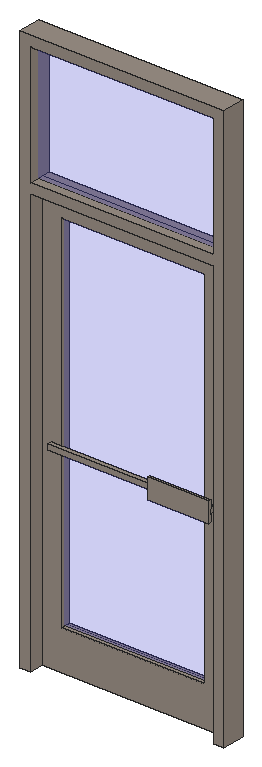
Revit family
Parameters (values of type "3'-0" x 7'-0" x 9'-4"H.")
  Rough Width = Width + 0' 4"  # 3' - 4"
  Rough Height = 9' - 4"
  Recess = 0' - 1"
  Height = 7' - 0"
  Wall Closure = (empty or 0)
  Width = 3' - 0"
  Glass = Glazing - Exterior
  Door Frame = Door - Aluminum
  Door Panel = Door - Aluminum
Reference planes (in)
  plane 1 "Center (Front/Back)": y = 0
  plane 2 "Center (Left/Right)": x = 0
  plane 3 "Left": x = -20
  plane 4 "Right": x = 20
  plane 5 "Top": z = 112
  plane 6 "Exterior Face": y = 5
  plane 7 "Door Handle": z = 40
  plane 8 "Door Height": z = 84
Forms (in)
  Extrusion 1, solid, material "Door - Aluminum" <- "Door Frame"
    sketch origin (0, 5, 0) x (0, 0, 1) y (-1, 0, 0)
      loop
        line (0, -18) -> (84, -18) -> (84, 18) -> (0, 18) -> (0, -18)
    from 0 to 1.75
  Extrusion 2, void
    sketch origin (0, 5, 0) x (0, 0, 1) y (-1, 0, 0)
      loop
        line (80, -14) -> (80, 14) -> (8, 14) -> (8, -14) -> (80, -14)
    from 0 to 1.75
  Extrusion 3, solid, material "Glazing - Exterior" <- "Glass"
    sketch origin (0, 5, 0) x (0, 0, 1) y (-1, 0, 0)
      loop
        line (80, -14) -> (80, 14) -> (8, 14) -> (8, -14) -> (80, -14)
    from 0.5 to 1.25
  Extrusion 4, solid, material "Door - Aluminum" <- "Door Frame"
    sketch origin (0.30678, -1.37999, 0) x (1, 0, 0) y (0, 1, 0)
      loop
        line (16.69322, 6.37999) -> (16.69322, 8.37999) -> (13.69322, 8.37999) -> (13.69322, 7.87999) -> (16.19322, 7.87999) -> (16.19322, 6.37999) -> (16.69322, 6.37999)
    from 36 to 44
  Extrusion 5, solid, material "Door - Aluminum" <- "Door Frame"
    sketch origin (0, 0, 0) x (1, 0, 0) y (0, 1, 0)
      loop
        line (-16, 3.25) -> (-16, 2.25) -> (16, 2.25) -> (16, 3.25) -> (-16, 3.25)
    from 40 to 39
  Extrusion 6, solid, material "Door - Aluminum" <- "Door Frame"
    sketch origin (0, 0, 0) x (1, 0, 0) y (0, 1, 0)
      loop
        line (16, 2.25) -> (4, 2.25) -> (4, 1.75) -> (16, 1.75) -> (16, 2.25)
    from 41.5 to 37.5
  Extrusion 7, solid, material "Door - Aluminum" <- "Door Frame"
    sketch origin (0, 5, 0) x (0, 0, 1) y (-1, 0, 0)
      loop
        line (0, -20) -> (112, -20) -> (112, 20) -> (0, 20) -> (0, 18) -> (84, 18) -> (84, -18) -> (0, -18) -> (0, -20)
      loop
        line (86, 18) -> (86, -18) -> (110, -18) -> (110, 18) -> (86, 18)
    from 0 to 4.5
  Extrusion 8, solid, material "Glazing - Exterior" <- "Glass"
    sketch origin (0, 5, 0) x (0, 0, 1) y (-1, 0, 0)
      loop
        line (110, -18) -> (110, 18) -> (86, 18) -> (86, -18) -> (110, -18)
    from 1.75 to 2.75
Cuts and joins
  Extrusion 2 cuts Extrusion 1
Lines and regions (in)
  Opening 1
    outline origin (-90, -6, 0) x (1, 0, 0) y (0, 0, 1)
      loop
        line (70, 0) -> (110, 0) -> (110, 112) -> (70, 112) -> (70, 0)
  symbolic lines, style "Doors"
    curve 1: line (-18, 5, 0) -> (-18, 41, 0)
    curve 2: line (-18, 41, 0) -> (-16.25, 41, 0)
    curve 3: line (-16.25, 41, 0) -> (-16.25, 5, 0)
    curve 4: line (-16.25, 5, 0) -> (-18, 5, 0)
  symbolic lines
    curve 5: arc (18, 5, 0) -> (7.45584, 30.45584, 0) -> (-18, 41, 0) r 36
  symbolic lines, style "Elevation Swing"
    curve 6: line (18, 5, 84) -> (-18, 5, 42)
    curve 7: line (-18, 5, 42) -> (18, 5, 0)
Text (in)
  text "Exterior" at (-74.96733, 27.31104, 0), in view "Ref. Level"
  text "Interior" at (-74.96733, -25.14366, 0), in view "Ref. Level"
  text "Exterior" at (0, 40.15149, 123.01588), in view "Right"
  text "Interior" at (0, -64.39139, 123.01588), in view "Right"
  text "Interior" at (0, -31.01599, 123.00693), in view "Left"
  text "Exterior" at (0, 54.57065, 123.00693), in view "Left"
Dimensions and locks (in)
  equal spacing: plane 3 "Left", plane 2 "Center (Left/Right)", plane 4 "Right"
  "Rough Width": plane 3 "Left" to plane 4 "Right"
  "Recess": host wall to plane 6 "Exterior Face"
  locked: cut or joined group of Extrusion 1, Extrusion 2 to Extrusion 2 sketch curve at 4
  locked: Extrusion 2 sketch curve to cut or joined group of Extrusion 1, Extrusion 2 at 4  (x2)
  locked: cut or joined group of Extrusion 1, Extrusion 2 to Extrusion 2 sketch curve at 8
  locked: curve 4 to plane 6 "Exterior Face" at 0
  "Width": curve 2 to curve 4
  Extrusion 6 sketch curve to Extrusion 5 = 0' - 0 1/2"
  Extrusion 6 sketch curve to Extrusion 6 sketch curve = 1' - 0"
  Extrusion 4 sketch curve to Extrusion 4 sketch curve to cut or joined group of Extrusion 1, Extrusion 2 = 0' - 3", 0' - 1"
  Extrusion 4 sketch curve to cut or joined group of Extrusion 1, Extrusion 2 = 0' - 2"
  cut or joined group of Extrusion 1, Extrusion 2 to Extrusion 5 sketch curve = 0' - 1"
  cut or joined group of Extrusion 1, Extrusion 2 to Extrusion 5 sketch curve = 0' - 2"
  Extrusion 5 sketch curve to cut or joined group of Extrusion 1, Extrusion 2 = 0' - 2"
  locked: Extrusion 7 sketch curve to plane 4 "Right" at 2
  locked: plane 3 "Left" to Extrusion 7 sketch curve at 2
  locked: Extrusion 7 sketch curve to plane 5 "Top" at 2
  locked: plane 8 "Door Height" to Extrusion 7 sketch curve at 2
  "Rough Height": level to plane 5 "Top"
  "Height": level to plane 8 "Door Height"
  equal spacing: level, curve 7, plane 8 "Door Height"
  aligned and locked: plane 3 "Left" to Opening 1 sketch curve
  aligned and locked: plane 5 "Top" to Opening 1 sketch curve  (x2)
  aligned and locked: Opening 1 sketch curve to plane 4 "Right"
  aligned and locked: Opening 1 sketch curve to level
  aligned and locked: Extrusion 1 to level
  aligned and locked: cut or joined group of Extrusion 1, Extrusion 2 to Extrusion 3 sketch curve
  aligned and locked: Extrusion 3 sketch curve to cut or joined group of Extrusion 1, Extrusion 2  (x3)
  aligned and locked: curve 5 to cut or joined group of Extrusion 1, Extrusion 2
  aligned and locked: Extrusion 6 sketch curve to Extrusion 5  (x2)
  aligned and locked: Extrusion 4 to cut or joined group of Extrusion 1, Extrusion 2
  aligned and locked: cut or joined group of Extrusion 1, Extrusion 2 to Extrusion 5 sketch curve
  aligned and locked: Extrusion 1 sketch curve to plane 8 "Door Height"
  aligned and locked: plane 4 "Right" to Extrusion 7 sketch curve
  aligned and locked: Extrusion 7 sketch curve to plane 3 "Left"
  aligned and locked: level to Extrusion 7 sketch curve  (x2)
  aligned and locked: plane 5 "Top" to Extrusion 7 sketch curve
  aligned and locked: plane 8 "Door Height" to Extrusion 7 sketch curve
  aligned and locked: Extrusion 7 sketch curve to Extrusion 7 sketch curve  (x2)
  aligned and locked: Extrusion 1 sketch curve to Extrusion 7  (x2)
  aligned and locked: level to Extrusion 1 sketch curve
  aligned and locked: Extrusion 7 to Extrusion 8 sketch curve
  aligned and locked: Extrusion 8 sketch curve to Extrusion 7  (x3)
Automatic sketch dimensions
  curve 5 to curve 3 = 0' - 1 3/4"
  Extrusion 4 sketch curve to host wall = 0' - 11"
  Extrusion 4 sketch curve to Extrusion 4 sketch curve = 0' - 0 1/2"  (x2)
  curve 1 to plane 3 "Left" = 0' - 2"
  curve 7 to level = 0' - 0"
  curve 6 to plane 8 "Door Height" = 0' - 0"
  plane 4 "Right" to curve 7 = 0' - 2"
  plane 4 "Right" to curve 6 = 0' - 2"
  curve 7 to plane 3 "Left" = 0' - 2"
